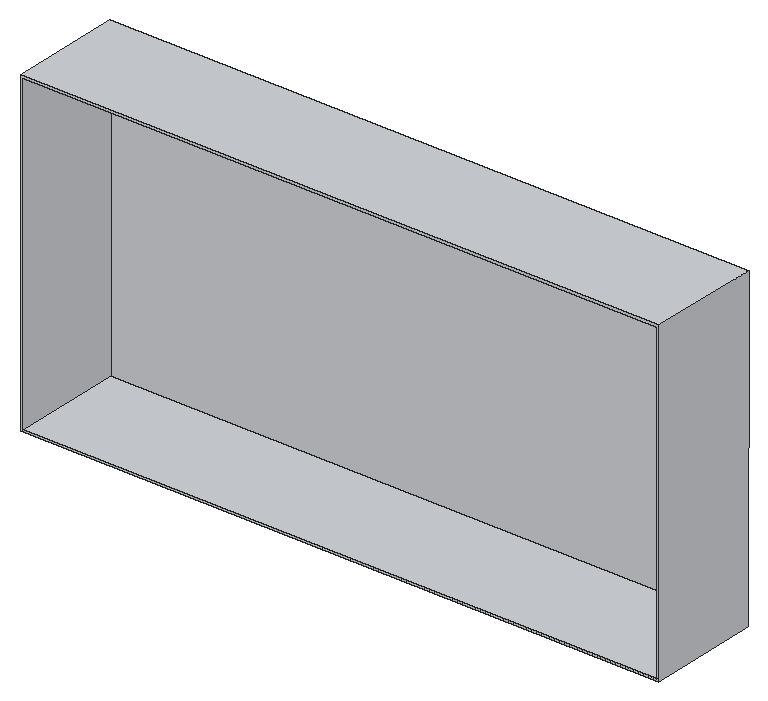
Revit family "Panelboard_600A-800A_Cable_Spreader-empty-NoHosted-UK-en", category Electrical Equipment, Revit 2020
Family settings
  Panel Configuration = Two Columns, Circuits Across
  Round Connector Dimension = Use Diameter
  Part Type = Panelboard
  Work Plane-Based = Yes
  Always vertical = Yes
  Cut with Voids When Loaded = No
  Shared = No
  Room Calculation Point = No
Parameters (values of type "Surface mounted P2XC W900 H450 D158 0 Modular spacings - JF806E")
  Width Control [instance] = if([HG000006 - Flush mounted], if([EF000846 - Built-in width] > min_whd, [EF000846 - Built-in width], min_whd), if([EF000008 - Width] > min_whd, ([EF000008 - Width]), min_whd))  # 900 mm
  Void Depth [instance] = if([EF000218 - Built-in depth] > 1 mm, [EF000218 - Built-in depth], 1 mm)  # 1 mm
  Type Comments = [HG000003 - Range]  # "Panelboards"
  System Height [instance] = Height Control - 2 * [HG000005 - Thickness]  # 444 mm
  Panel Name [instance] = ""  # (empty or 0)
  Offset [instance] = 0 mm
  Model = [HG000004 - Manufacturer reference]  # "JF806E"
  Level Offset [instance] = [Flush Mounted - Door Frame Width] + Offset  # 0 mm
  HG000017 - Distance between poles = 18 mm
  HG000016 - Door 3d visibility [instance] = yes
  HG000015 - Clearance visibility [instance] = no
  HG000014 - Door on the right [instance] = yes
  HG000013 - Door on the left [instance] = not([HG000014 - Door on the right])  # no
  HG000012 - Door swing angle [instance] = 45.00°
  HG000011 - Empty rows from bottom = no
  HG000005 - Thickness = 3 mm  # constant formula
  Description = ""
  Default Elevation = 1219.2 mm
  Arrow Offset [instance] = Depth Control / 8  # 19.75 mm
  Arrow Height [instance] = Depth Control - Arrow Offset  # 138.25 mm
  Host Offset [instance] = if([HG000006 - Flush mounted], 0 mm, [EF000049 - Depth])  # 158 mm
  min_whd [instance] = (2 * [HG000005 - Thickness]) + 1 mm  # 7 mm
  Manufacturer = "Hager"  # constant formula
  Height Control [instance] = if([HG000006 - Flush mounted], if([EF000332 - Built-in height] > min_whd, [EF000332 - Built-in height], min_whd), if([EF000040 - Height] > min_whd, ([EF000040 - Height]), min_whd))  # 450 mm
  HG000010 - Asymmetric doors = no
  HG000009 - Double swing door = no
  HG000008 - Number of empty rows = 0
  HG000007 - Number of empty columns = 0
  HG000006 - Flush mounted = no
  HG000004 - Manufacturer reference = "JF806E"
  HG000003 - Range = "Panelboards"
  HG000002 - With door or cover = no
  HG000001 - Number of columns = 0
  Flush Mounted - Door Frame Width [instance] = if(([EF000040 - Height] - [EF000332 - Built-in height]) > 0 mm, if([HG000006 - Flush mounted], [EF000040 - Height] - [EF000332 - Built-in height], 0 mm), 0 mm)  # 0 mm
  EF015941 - Signal passing door = no
  EF015777 - Neutral terminal block = no
  EF015776 - Earthing terminal block = no
  EF009212 - Cover model = ""
  EF006306 - With lock = no
  EF006244 - Transparent cover/door = no
  EF005474 - Degree of protection (IP) = "EV009848 - IP2XC"
  EF004462 - Type of closure = "EV001412 - Cylinder"
  EF002950 - Width in number of modular spacings = 0
  EF001596 - Material housing = "EV000179 - Steel"
  EF001134 - DIN-rail = no
  EF001131 - Internal depth = 0 mm
  EF001088 - Extension possible = no
  EF001062 - EMC-version = no
  EF000846 - Built-in width = 0 mm
  EF000339 - Type of cover = "EV004216 - Door"
  EF000332 - Built-in height = 0 mm
  EF000266 - Number of rows = 0
  EF000218 - Built-in depth = 0 mm
  EF000118 - With mounting plate = no
  EF000116 - RAL-number = ""
  EF000049 - Depth = 158 mm
  EF000040 - Height = 450 mm
  EF000008 - Width = 900 mm
  EF000007 - Colour = "EV000154 - Other"
  EF000003 - Mounting method = "EV000384 - Surface mounted (plaster)"
  Depth Control [instance] = if([HG000006 - Flush mounted], if([EF000218 - Built-in depth] > 0 mm, [EF000218 - Built-in depth], 1 mm), if([EF000049 - Depth] > 0 mm, ([EF000049 - Depth]), 1 mm))  # 158 mm
Types (2, lengths in mm): name | System Height | Model | Height Control | HG000004 - Manufacturer reference | EF001088 - Extension possible | EF000040 - Height
  Surface mounted P2XC W900 H300 D158 0 Modular spacings - JF805E | 294 | "JF805E" | 300 | "JF805E" | yes | 300
  Surface mounted P2XC W900 H450 D158 0 Modular spacings - JF806E | 444 | "JF806E" | 450 | "JF806E" | no | 450
Reference planes
  plane 1 "Center (Front/Back)": y = 0
  plane 2: z = 0
  plane 3 "Center (Left/Right)": x = 0
  plane 4: y = 3
  plane 5: y = 0
  plane 6: y = 0
  plane 7: z = 0
  plane 8: x = -450
  plane 9: x = 450
  plane 10: x = 447
  plane 11: x = -447
  plane 12: z = 0
  plane 13: z = 3
  plane 14: y = -153
  plane 15: y = -158
  plane 16: y = -3
  plane 17: z = 447
  plane 18: z = 450
  plane 19: z = 225
  plane 20: x = 0
  plane 21: y = -100
Forms (mm)
  Extrusion 1, solid
    sketch origin (-208.679, -4572, 0) x (-1, 0, 0) y (0, -1, 0)
      loop
        line (241.321, -4414) -> (-658.679, -4414) -> (-658.679, -4572) -> (241.321, -4572) -> (241.321, -4414)
    from 0 to 450 <- "Height Control"
  Extrusion 2, void
    sketch origin (-350.771, -158, 1219.2) x (1, 0, 0) y (0, 0, 1)
      loop
        line (-96.229, -772.2) -> (-96.229, -1216.2) -> (797.771, -1216.2) -> (797.771, -772.2) -> (-96.229, -772.2)
    from 0 to -155
  Extrusion 3, solid, detail levels coarse+medium
    sketch origin (-350.771, -158, 1219.2) x (-1, 0, 0) y (0, 0, 1)
      loop
        line (96.229, -772.2) -> (-797.771, -772.2) -> (-797.771, -1216.2) -> (96.229, -1216.2) -> (96.229, -772.2)
    from 0 to 3 <- "HG000005 - Thickness"
Cuts and joins
  Extrusion 2 cuts Extrusion 1
Dimensions and locks
  "Flush Mounted - Door Frame Width": plane 1 "Center (Front/Back)" to plane 6
  "HG000005 - Thickness": plane 4 to plane 6
  "HG000005 - Thickness": plane 8 to plane 11
  "HG000005 - Thickness": plane 9 to plane 10
  equal spacing: plane 8, plane 3 "Center (Left/Right)", plane 9
  "Width Control": plane 8 to plane 9
  locked: plane 14 to plane 15 at 5
  "Host Offset": plane 1 "Center (Front/Back)" to plane 15
  "Depth Control": plane 5 to plane 15
  "HG000005 - Thickness": plane 5 to plane 16
  "HG000005 - Thickness": plane 13 to plane 12
  "Level Offset": plane 12 to level
  "HG000005 - Thickness": plane 18 to plane 17
  "Height Control": plane 18 to plane 12
  "Arrow Offset": plane 5 to nested 4
  equal spacing: plane 18, plane 19, plane 12
  locked: connector elem to plane 19
  locked: connector elem to plane 3 "Center (Left/Right)"
  aligned and locked: nested 1 to plane 14
  aligned and locked: plane 3 "Center (Left/Right)" to nested 1
  aligned and locked: plane 3 "Center (Left/Right)" to nested 2
  aligned and locked: nested 2 to plane 15
  aligned and locked: Extrusion 1 to plane 5
  aligned and locked: Extrusion 3 sketch curve to plane 17
  aligned and locked: Extrusion 3 sketch curve to plane 11
  aligned and locked: Extrusion 3 sketch curve to plane 13
  aligned and locked: Extrusion 3 sketch curve to plane 10
  aligned and locked: Extrusion 2 sketch curve to plane 13
  aligned and locked: Extrusion 2 sketch curve to plane 10
  aligned and locked: Extrusion 2 sketch curve to plane 17
  aligned and locked: Extrusion 2 sketch curve to plane 11
  aligned and locked: Extrusion 2 to plane 16
  aligned and locked: Extrusion 1 sketch curve to plane 5
  aligned and locked: plane 9 to Extrusion 1 sketch curve
  aligned and locked: plane 8 to Extrusion 1 sketch curve
  aligned and locked: plane 8 to nested 4
  aligned and locked: plane 8 to nested 3
  aligned and locked: nested 3 to plane 5
  aligned and locked: Extrusion 1 sketch curve to plane 15
  aligned and locked: Extrusion 2 to plane 15
Nested families
  nested 1: "Hager_Enclosure_System" at (0, -153, 3), Flush_Mounted <- "HG000006 - Flush mounted", Width <- "EF000008 - Width", Height <- "System Height", Width_Control <- "Width Control", Row_Module_Multiplicator <- "EF002950 - Width in number of modular spacings", Empty_Columns <- "HG000007 - Number of empty columns", Built-in_Width <- "EF000846 - Built-in width", Border <- "HG000005 - Thickness", Total_No_Empty_Rows <- "HG000008 - Number of empty rows", Depth <- "HG000005 - Thickness", Empty_Rows_From_Bottom <- "HG000011 - Empty rows from bottom", Distance_Between_Poles <- "HG000017 - Distance between poles", Rows_Count <- "EF000266 - Number of rows", Columns_Count <- "HG000001 - Number of columns", type "Hager_Enclosure_System", detail levels medium+fine
    with Width_Control 900 mm, Width 900 mm, Total_No_Rows 0, Total_No_Empty_Rows 0, Total_No_Columns 1, System_Width 894 mm, Rows_Count 0, Rows_Column 0, Row_Module_Multiplicator 0, Panel_4 no, Panel_3 no, Panel_2 no, Panel_1 no, No_Panels_Ctrl 1, Hide_Columns yes, Height 444 mm, Flush_Mounted no, Empty_Rows_From_Bottom no, Empty_Rows_Column 0, Empty_Columns 0, Distance_Between_Poles 18 mm, Depth 3 mm, Columns_Count 0, Column_Width 894 mm, Built-in_Width 0 mm, Border 3 mm
  nested 2: "Hager_Enclosure_Door" at (0, -158, 0), Double <- "HG000009 - Double swing door", Height_Ctrl <- "Height Control", Transparent <- "EF006244 - Transparent cover/door", Depth <- "EF000049 - Depth", Height <- "EF000040 - Height", Angle <- "HG000012 - Door swing angle", Door_Right <- "HG000014 - Door on the right", Assymetrical <- "HG000010 - Asymmetric doors", Flush_Mounted <- "HG000006 - Flush mounted", BuiltIn_Depth <- "EF000218 - Built-in depth", BuiltIn_Width <- "EF000846 - Built-in width", Door <- "HG000002 - With door or cover", Width_Ctrl <- "Width Control", 3d_Door <- "HG000016 - Door 3d visibility", Width <- "EF000008 - Width", Border <- "HG000005 - Thickness", BuiltIn_Height <- "EF000332 - Built-in height", Clearance <- "HG000015 - Clearance visibility", Door_Left <- "HG000013 - Door on the left", type "Hager_Enclosure_Door", detail levels medium+fine
    with min_wh 7 mm, Width_Ctrl 900 mm, Width 900 mm, Transparent_Door_No_Bottom_Border no, Transparent no, Leaf_Width 891 mm, Leaf_Tolerance 1.5 mm, Leaf_Height 441 mm, Leaf_2_Width 891 mm, Leaf_2_Offset 445.5 mm, Leaf_1_Width 891 mm, Leaf_1_Offset 445.5 mm, Height_Ctrl 450 mm, Height 450 mm, Frame_Width_Ctrl 900 mm, Frame_Width 900 mm, Frame_Internal_Offset 0 mm, Frame_Height_Ctrl 450 mm, Frame_Height 450 mm, Frame_Depth_Ctrl 1 mm, Frame_Depth 0 mm, Flush_Mounted no, Double_Clearance_Ctrl no, Double no, Door_Right_Ctrl no, Door_Right yes, Door_Left_Ctrl no, Door_Left no, Door no, Depth 158 mm, Clearance_Depth 891 mm, Clearance_Ctrl no, Clearance no, BuiltIn_Width 0 mm, BuiltIn_Height 0 mm, BuiltIn_Depth 0 mm, Border 3 mm, Assymetrical no, Angle 45.00°, 3d_Door yes
  nested 3: "Hager_Enclosure_Symbol_Triangle" at (-450, 0, 0), Depth <- "Depth Control", Width <- "Width Control", type "Hager_Enclosure_Symbol_Triangle"
    with Width_Ctrl 900 mm, Width 900 mm, Depth_Ctrl 158 mm, Depth 158 mm
  nested 4: "Hager_Enclosure_Symbol_Arrow" at (-450, -19.75, 0), Height <- "Arrow Height", type "Hager_Enclosure_Symbol_Arrow"
    with Width_Inside 10.369 mm, Width 124.425 mm, Height_Ctrl 138.25 mm, Height 138.25 mm
Connectors
  electrical at (0, 0, 225)
    settings: on plane 5, index 1, voltage 0 V, apparent load 0 VA, apparent load phase1 0 VA, apparent load phase2 0 VA, apparent load phase3 0 VA, power factor 1, load classification "Other", number of poles 1, system type 30, power factor state 1, is connector primary yes, connector utility no, sub classification motor no, connector description ""
Definition of nested family "Hager_Enclosure_Door"
  Parameters (values of type "Hager_Enclosure_Door")
    min_wh [instance] = (2 * Border) + 1 mm  # 11 mm
    Width_Ctrl [instance] = 400 mm
    Width [instance] = 500 mm
    Transparent_Door_No_Bottom_Border [instance] = no
    Transparent [instance] = yes
    Leaf_Width [instance] = if((Width_Ctrl - 2 * Border - 2 * Leaf_Tolerance) > 0 mm, (Width_Ctrl - 2 * Border - 2 * Leaf_Tolerance), min_wh)  # 387 mm
    Leaf_Tolerance [instance] = 1.5 mm  # constant formula
    Leaf_Height [instance] = if((Height_Ctrl - 2 * Border - 2 * Leaf_Tolerance) > 0 mm, (Height_Ctrl - 2 * Border - 2 * Leaf_Tolerance), min_wh)  # 387 mm
    Leaf_2_Width [instance] = if(and(and(Double, Assymetrical), Door_Left), (Leaf_Width / 3) - (Leaf_Tolerance / 2), if(and(and(Double, Assymetrical), Door_Right), (Leaf_Width / 3) * 2 - (Leaf_Tolerance / 2), if(and(Double, not(Assymetrical)), (Leaf_Width / 2) - Leaf_Tolerance, Leaf_Width)))  # 387 mm
    Leaf_2_Offset [instance] = if(and(Double, Assymetrical), Leaf_2_Width / 2, if(and(Double, not(Assymetrical)), Leaf_Width / 4, Leaf_Width / 2))  # 193.5 mm
    Leaf_1_Width [instance] = if(and(and(Double, Assymetrical), Door_Right), (Leaf_Width / 3) - (Leaf_Tolerance / 2), if(and(and(Double, Assymetrical), Door_Left), (Width / 3) * 2 - (Leaf_Tolerance / 2), if(and(Double, not(Assymetrical)), (Leaf_Width / 2) - Leaf_Tolerance, Leaf_Width)))  # 387 mm
    Leaf_1_Offset [instance] = if(and(Double, Assymetrical), Leaf_1_Width / 2, if(and(Double, not(Assymetrical)), Leaf_Width / 4, Leaf_Width / 2))  # 193.5 mm
    Height_Ctrl [instance] = 400 mm
    Height [instance] = 500 mm
    Frame_Width_Ctrl [instance] = if(Frame_Width > 0 mm, Frame_Width, 1 mm)  # 1 mm
    Frame_Width [instance] = Width - BuiltIn_Width  # 0 mm
    Frame_Internal_Offset [instance] = if(Flush_Mounted, Border, 0 mm)  # 5 mm
    Frame_Height_Ctrl [instance] = if(Frame_Height > 0 mm, Frame_Height, 1 mm)  # 1 mm
    Frame_Height [instance] = Height - BuiltIn_Height  # 0 mm
    Frame_Depth_Ctrl [instance] = if(Frame_Depth > 0 mm, Frame_Depth, 1 mm)  # 1 mm
    Frame_Depth [instance] = if(Depth - BuiltIn_Depth > 0 mm, if(Flush_Mounted, Depth - BuiltIn_Depth, 0 mm), 0 mm)  # 0 mm
    Flush_Mounted [instance] = yes
    Double_Clearance_Ctrl [instance] = and(Double, Clearance)  # no
    Double [instance] = no
    Door_Right_Ctrl [instance] = and(or(Door_Right, Double), Door)  # yes
    Door_Right [instance] = yes
    Door_Left_Ctrl [instance] = and(or(Door_Left, Double), Door)  # no
    Door_Left [instance] = no
    Door [instance] = yes
    Depth [instance] = 500 mm
    Default Elevation = 1219.2 mm
    Clearance_Material = none
    Clearance_Depth [instance] = if(Leaf_1_Width > Leaf_2_Width, Leaf_1_Width, Leaf_2_Width)  # 387 mm
    Clearance_Ctrl [instance] = and(not(Double), Clearance)  # yes
    Clearance [instance] = yes
    BuiltIn_Width [instance] = 500 mm
    BuiltIn_Height [instance] = 500 mm
    BuiltIn_Depth [instance] = 500 mm
    Border [instance] = 5 mm
    Assymetrical [instance] = yes
    Angle [instance] = 30.00°
    3d_Door [instance] = yes
  Reference planes
    plane 1 "Center (Front/Back)": y = 0
    plane 2 "Bottom": z = 0
    plane 3 "Center (Left/Right)": x = 0
    plane 4: z = 400
    plane 5: x = -200
    plane 6: x = 200
    plane 7: z = 395
    plane 8: x = -195
    plane 9: z = 5
    plane 10: x = 195
    plane 11: y = 0
    plane 12: z = 6.5
    plane 13: x = -582
    plane 14: y = -387
    plane 15: x = 582
    plane 16: x = 0
    plane 17: x = 0
    plane 18: x = -193.5
    plane 19: x = 193.5
    plane 20: z = 393.5
  Forms (mm)
    Extrusion 1, solid, visible <- "Flush_Mounted"
      sketch origin (0, 0, 0) x (1, 0, 0) y (0, 0, 1)
        loop
          line (195, 5) -> (195, 395) -> (-195, 395) -> (-195, 5) -> (195, 5)
        loop
          line (-201, 401) -> (-201, -1) -> (201, -1) -> (201, 401) -> (-201, 401)
      from 0 to 1 <- "Frame_Depth_Ctrl"
    Extrusion 2, solid, material <- "Clearance_Material", visible <- "Double_Clearance_Ctrl"
      sketch origin (1200, 0, 0) x (1, 0, 0) y (0, 0, -1)
        loop
          line (-1782, -393.5) -> (-618, -393.5) -> (-618, 0) -> (-1782, 0) -> (-1782, -393.5)
      from 0 to -387
  Dimensions and locks
    equal spacing: plane 5, plane 3 "Center (Left/Right)", plane 6
    "Width_Ctrl": plane 5 to plane 6
    "Border": plane 5 to plane 8
    "Border": plane 6 to plane 10
    "Border": plane 9 to level
    "Border": plane 4 to plane 7
    "Height_Ctrl": plane 4 to level
    "Leaf_Tolerance": plane 12 to plane 9
    "Frame_Depth": plane 11 to plane 1 "Center (Front/Back)"
    "Frame_Width_Ctrl": plane 5 to Extrusion 1 sketch curve
    "Frame_Width_Ctrl": plane 6 to Extrusion 1 sketch curve
    "Frame_Width_Ctrl": Extrusion 1 sketch curve to plane 4
    "Frame_Width_Ctrl": plane 2 "Bottom" to Extrusion 1 sketch curve
    "Leaf_1_Offset": plane 18 to plane 16
    "Leaf_2_Offset": plane 17 to plane 19
    "Leaf_1_Width": plane 13 to plane 8
    "Leaf_2_Width": plane 10 to plane 15
    "Clearance_Depth": plane 14 to plane 1 "Center (Front/Back)"
    "Leaf_Tolerance": plane 8 to plane 18
    "Leaf_Tolerance": plane 19 to plane 10
    "Leaf_Tolerance": plane 7 to plane 20
    "Frame_Internal_Offset": plane 5 to Extrusion 1 sketch curve
    "Frame_Internal_Offset": Extrusion 1 sketch curve to plane 2 "Bottom"
    "Frame_Internal_Offset": plane 6 to Extrusion 1 sketch curve
    "Frame_Internal_Offset": plane 4 to Extrusion 1 sketch curve
    aligned and locked: level to plane 2 "Bottom"
    aligned and locked: nested 1 to plane 16
    aligned and locked: nested 2 to plane 17
    aligned and locked: Extrusion 2 to plane 13
    aligned and locked: plane 15 to Extrusion 2
    aligned and locked: Extrusion 2 to plane 14
    aligned and locked: plane 12 to nested 1
    aligned and locked: nested 2 to plane 12
    aligned and locked: Extrusion 2 to plane 11
    aligned and locked: plane 20 to Extrusion 2
    aligned and locked: nested 2 to plane 11
    aligned and locked: nested 1 to plane 11
  Automatic sketch dimensions
    Extrusion 2 sketch curve to level = 0 mm
    plane 5 to Extrusion 2 sketch curve = 382 mm
    plane 6 to Extrusion 2 sketch curve = 382 mm
    Extrusion 2 sketch curve to plane 4 = 6.5 mm
  Nested families
    nested 1: "Hager_Enclosure_Door_Leaf" at (0, 0, 6.5), Width <- "Leaf_1_Width", visible <- "Door_Left_Ctrl", Leaf_Height <- "Leaf_Height", Angle <- "Angle", Depth <- "Border", 3d_Door <- "3d_Door", Transparent <- "Transparent", Clearance Material <- "Clearance_Material", Clearance <- "Clearance_Ctrl", Transparent_Door_No_Bottom_Border <- "Transparent_Door_No_Bottom_Border", type "Hager_Enclosure_Door_Leaf"
      with Width 387 mm, Transparent_Door_No_Bottom_Border no, Transparent_Door_Border_Bottom_Top 25 mm, Transparent_Door_Border 25 mm, Transparent_Ctrl yes, Transparent yes, Standard no, Leaf_Height 387 mm, Glass_Offset 1 mm, Depth 5 mm, Clearance Material none, Clearance yes, Angle_Ctrl 30.00°, Angle 30.00°, 3d_Door yes
    nested 2: "Hager_Enclosure_Door_Leaf" at (0, 0, 6.5) x (-1, 0, 0) z (0, 0, 1), Width <- "Leaf_2_Width", visible <- "Door_Right_Ctrl", Leaf_Height <- "Leaf_Height", Angle <- "Angle", Depth <- "Border", 3d_Door <- "3d_Door", Transparent <- "Transparent", Clearance Material <- "Clearance_Material", Clearance <- "Clearance_Ctrl", Transparent_Door_No_Bottom_Border <- "Transparent_Door_No_Bottom_Border", type "Hager_Enclosure_Door_Leaf"
      with Width 387 mm, Transparent_Door_No_Bottom_Border no, Transparent_Door_Border_Bottom_Top 25 mm, Transparent_Door_Border 25 mm, Transparent_Ctrl yes, Transparent yes, Standard no, Leaf_Height 387 mm, Glass_Offset 1 mm, Depth 5 mm, Clearance Material none, Clearance yes, Angle_Ctrl 30.00°, Angle 30.00°, 3d_Door yes
  Definition of nested family "Hager_Enclosure_Door_Leaf"
    Parameters (values of type "Hager_Enclosure_Door_Leaf")
      Width [instance] = 2000 mm
      Transparent_Door_No_Bottom_Border [instance] = yes
      Transparent_Door_Border_Bottom_Top [instance] = if(Transparent_Door_No_Bottom_Border, 0.1 mm, Transparent_Door_Border)  # 0.1 mm
      Transparent_Door_Border [instance] = if(Transparent_Door_No_Bottom_Border, (Width * 0.12), 25 mm)  # 240 mm
      Transparent_Ctrl [instance] = and(Transparent, [3d_Door])  # yes
      Transparent [instance] = yes
      Standard [instance] = and(not(Transparent), [3d_Door])  # no
      Leaf_Height [instance] = 2720.336 mm
      Glass_Offset [instance] = if((Depth - 10 mm) / 2 > 0 mm, (Depth - 10 mm) / 2, 1 mm)  # 15 mm
      Glass_Material = none
      Depth [instance] = 40 mm
      Default Elevation = 0 mm
      Clearance Material [instance] = none
      Clearance [instance] = yes
      Angle_Ctrl [instance] = if(Angle > 170.00°, 170.00°, Angle)  # 45.00°
      Angle [instance] = 45.00°
      3d_Door [instance] = yes
    Reference planes
      plane 1 "Center (Front/Back)": y = 0
      plane 2: z = 0
      plane 3 "Center (Left/Right)": x = 0
      plane 4: y = 2000
      plane 5: x = -1000
      plane 6: x = 1000
      plane 7: x = -3000
      plane 8: z = 2720.336
      plane 9: z = 0.1
      plane 10: z = 2720.236
      plane 11: x = 760
      plane 12: x = -760
    Forms (mm)
      Extrusion 1, solid, material <- "Clearance Material", visible <- "Clearance"
        sketch origin (0, 0, 0) x (1, 0, 0) y (0, 0, 1)
          loop
            line (-3000, 2720.336) -> (-3000, 0) -> (1000, 0) -> (1000, 2720.336) -> (-3000, 2720.336)
        from 0 to -2000
      Extrusion 2, solid, visible <- "Standard", detail levels medium+fine
        sketch origin (-1000, 0, 0) x (0.707107, 0.707107, 0) y (-0.707107, 0.707107, 0)
          loop
            line (0, -40) -> (2000, -40) -> (2000, 0) -> (0, 0) -> (0, -40)
        from 0 to 2720.336 <- "Leaf_Height"
      Extrusion 3, solid, visible <- "Transparent_Ctrl", detail levels medium+fine
        sketch origin (-1000, 0, 0) x (0.707107, 0.707107, 0) y (-0.707107, 0.707107, 0)
          loop
            line (0, -40) -> (2000, -40) -> (2000, 0) -> (0, 0) -> (0, -40)
        from 0 to 2720.336 <- "Leaf_Height"
      Extrusion 4, void, detail levels medium+fine
        sketch origin (-1000, 0, 0) x (-0.707107, 0.707107, 0) y (0.707107, 0.707107, 0)
          loop
            line (0, 240) -> (0, 1760) -> (-40, 1760) -> (-40, 240) -> (0, 240)
        from -2720.236 to -0.1
      Extrusion 5, solid, material <- "Glass_Material", visible <- "Transparent_Ctrl", detail levels medium+fine
        sketch origin (-1000, 0, 0) x (0.707107, 0.707107, 0) y (-0.707107, 0.707107, 0)
          loop
            line (240, -15) -> (240, -25) -> (1760, -25) -> (1760, -15) -> (240, -15)
        from 0.1 to 2720.236
    Cuts and joins
      Extrusion 4 cuts Extrusion 3
    Lines and regions (mm)
      symbolic lines
        curve 1: line (1000, 0, 0) -> (-3000, 0, 0)
        curve 2: arc (1000, 0, 0) -> (-1000, 2000, 0) -> (-3000, 0, 0) r 2000
        curve 4: line (-1000, 0, 0) -> (414.214, 1414.214, 0)
      reference lines
        curve 3: line (-1000, 0, 0) -> (414.214, 1414.214, 0)
      symbolic lines, detail levels medium+fine
        curve 5: line (414.214, 1414.214, 0) -> (442.498, 1385.929, 0)
        curve 6: line (442.498, 1385.929, 0) -> (-971.716, -28.284, 0)
        curve 7: line (-971.716, -28.284, 0) -> (-1000, 0, 0)
        curve 8: line (-1000, 0, 2720.336) -> (1000, 0, 2720.336)
        curve 9: line (-1000, 0, 0) -> (-1000, 0, 2720.336)
        curve 10: line (1000, 0, 0) -> (-1000, 0, 0)
        curve 11: line (1000, 0, 2720.336) -> (1000, 0, 0)
      symbolic lines, visible <- "Transparent_Ctrl", detail levels medium+fine
        curve 12: line (-760, 0, 2720.236) -> (760, 0, 2720.236)
        curve 13: line (-760, 0, 0.1) -> (-760, 0, 2720.236)
        curve 14: line (760, 0, 0.1) -> (-760, 0, 0.1)
        curve 15: line (760, 0, 2720.236) -> (760, 0, 0.1)
    Dimensions and locks
      "Width": plane 1 "Center (Front/Back)" to plane 4
      equal spacing: plane 5, plane 3 "Center (Left/Right)", plane 6
      "Width": plane 5 to plane 6
      "Width": plane 7 to plane 5
      "Leaf_Height": plane 8 to level
      "Depth": curve 6 to curve 3
      "Width": curve 5 to curve 3
      "Width": curve 3 to curve 3
      "Transparent_Door_Border": Extrusion 4 sketch curve to curve 7
      "Transparent_Door_Border": Extrusion 4 sketch curve to curve 5
      "Transparent_Door_Border_Bottom_Top": plane 8 to plane 10
      "Transparent_Door_Border_Bottom_Top": plane 9 to level
      "Glass_Offset": Extrusion 5 sketch curve to curve 4
      "Glass_Offset": Extrusion 5 sketch curve to curve 6
      "Transparent_Door_Border": Extrusion 5 sketch curve to curve 5
      "Transparent_Door_Border": Extrusion 5 sketch curve to curve 7
      "Transparent_Door_Border": plane 12 to plane 5
      "Transparent_Door_Border": plane 6 to plane 11
      "Angle_Ctrl": angle plane 1 "Center (Front/Back)" to curve 3
      aligned and locked: level to plane 2
      aligned and locked: Extrusion 1 to curve 1
      aligned and locked: plane 6 to Extrusion 1
      aligned and locked: Extrusion 1 to plane 1 "Center (Front/Back)"
      aligned and locked: plane 4 to Extrusion 1
      aligned and locked: plane 8 to Extrusion 1
      aligned and locked: curve 4 to curve 3
      aligned and locked: Extrusion 2 sketch curve to curve 7
      aligned and locked: Extrusion 2 sketch curve to curve 6
      aligned and locked: Extrusion 2 sketch curve to curve 5
      aligned and locked: Extrusion 2 sketch curve to curve 3
      aligned and locked: curve 7 to Extrusion 3 sketch curve
      aligned and locked: Extrusion 3 sketch curve to curve 4
      aligned and locked: Extrusion 3 sketch curve to curve 6
      aligned and locked: Extrusion 3 sketch curve to curve 5
      aligned and locked: curve 4 to Extrusion 4 sketch curve
      aligned and locked: curve 6 to Extrusion 4 sketch curve
      aligned and locked: Extrusion 4 to plane 9
      aligned and locked: Extrusion 4 to plane 10
      aligned and locked: Extrusion 5 to plane 9
      aligned and locked: Extrusion 5 to plane 10
      aligned and locked: curve 8 to plane 8
      aligned and locked: plane 5 to curve 9
      aligned and locked: plane 2 to curve 10
      aligned and locked: curve 11 to plane 6
      aligned and locked: plane 10 to curve 12
      aligned and locked: plane 12 to curve 13
      aligned and locked: curve 14 to plane 9
      aligned and locked: plane 11 to curve 15
    Automatic sketch dimensions
      plane 1 "Center (Front/Back)" to curve 2 = 0 mm
      curve 2 to plane 5 = 0 mm
      Extrusion 1 sketch curve to level = 0 mm
      Extrusion 1 sketch curve to plane 7 = 0 mm
      Extrusion 1 sketch curve to plane 6 = 0 mm
      Extrusion 1 sketch curve to plane 8 = 0 mm
      plane 1 "Center (Front/Back)" to curve 3 = 0 mm
      curve 3 to plane 5 = 0 mm
      curve 7 to curve 3 = 0 mm
Definition of nested family "Hager_Enclosure_Symbol_Triangle"
  Parameters (values of type "Hager_Enclosure_Symbol_Triangle")
    Width_Ctrl [instance] = if(Width > 1 mm, Width, 1 mm)  # 498 mm
    Width [instance] = 498 mm
    Depth_Ctrl [instance] = if(Depth > 1 mm, Depth, 1 mm)  # 72 mm
    Depth [instance] = 72 mm
  Reference planes
    plane 1 "Centre (avant/arrière)": y = 0
    plane 2: z = 0
    plane 3 "Centre (gauche/droite)": x = 0
  Lines and regions (mm)
    Filled region 1, type "Solid_Black", in view "Niveau de réf."
      outline origin (0, 0, 0) x (1, 0, 0) y (0, 1, 0)
        loop
          line (0, 0) -> (498, 0) -> (498, 72) -> (0, 0)
    reference lines, in view "Niveau de réf."
      curve 1: line (-206.153, 72, 0) -> (1083.258, 72, 0)
      curve 2: line (498, 405.456, 0) -> (498, -517.619, 0)
  Dimensions and locks
    "Depth_Ctrl": plane 1 "Centre (avant/arrière)" to curve 1
    "Width_Ctrl": plane 3 "Centre (gauche/droite)" to curve 2
    aligned and locked: curve 1 to Filled region 1 sketch curve
    aligned and locked: Filled region 1 sketch curve to plane 1 "Centre (avant/arrière)"
    aligned and locked: curve 2 to Filled region 1 sketch curve
    aligned and locked: plane 3 "Centre (gauche/droite)" to Filled region 1 sketch curve
    aligned and locked: plane 1 "Centre (avant/arrière)" to Filled region 1 sketch curve
  Automatic sketch dimensions
    curve 1 to plane 3 "Centre (gauche/droite)" = 206.153 mm
    curve 2 to curve 1 = 585.258 mm
    plane 1 "Centre (avant/arrière)" to curve 2 = 517.619 mm
    curve 2 to plane 1 "Centre (avant/arrière)" = 405.456 mm
Definition of nested family "Hager_Enclosure_Symbol_Arrow"
  Parameters (values of type "Hager_Enclosure_Symbol_Arrow")
    Width_Inside [instance] = if(Width / 12 > 2 mm, Width / 12, 2 mm)  # 4.987 mm
    Width [instance] = if(Height_Ctrl * 0.9 > 2 mm, Height_Ctrl * 0.9, 2 mm)  # 59.85 mm
    Height_Ctrl [instance] = if(Height > 2 mm, Height, 2 mm)  # 66.5 mm
    Height [instance] = 66.5 mm
  Reference planes
    plane 1 "Centre (avant/arrière)": y = 0
    plane 2: z = 0
    plane 3 "Centre (gauche/droite)": x = 0
    plane 4: x = 59.85
    plane 5: y = 28.263
    plane 6: y = 38.238
    plane 7: y = 66.5
    plane 8: x = 29.925
    plane 9: y = 33.25
  Lines and regions (mm)
    Filled region 1, type "Solid_Black", in view "Niveau de réf."
      outline origin (0, 0, 0) x (1, 0, 0) y (0, 1, 0)
        loop
          line (59.85, 66.5) -> (37.929, 52.827) -> (51.846, 41.935) -> (59.85, 66.5)
    detail lines, in view "Niveau de réf."
      curve 1: line (0, 0, 0) -> (29.925, 38.238, 0)
      curve 2: line (29.925, 38.238, 0) -> (29.925, 28.263, 0)
      curve 3: line (29.925, 28.263, 0) -> (59.85, 66.5, 0)
  Dimensions and locks
    "Width": plane 3 "Centre (gauche/droite)" to plane 4
    "Height_Ctrl": plane 7 to plane 1 "Centre (avant/arrière)"
    equal spacing: plane 3 "Centre (gauche/droite)", plane 8, plane 4
    equal spacing: plane 7, plane 9, plane 1 "Centre (avant/arrière)"
    equal spacing: plane 6, plane 9, plane 5
    "Width_Inside": plane 6 to plane 9
    equal spacing: curve 3, Filled region 1 sketch curve, Filled region 1 sketch curve
    angle Filled region 1 sketch curve to curve 3 = 20.00°
    angle curve 3 to Filled region 1 sketch curve = 20.00°
    locked: curve 3 to Filled region 1 sketch curve (angle 90.00°)
  Automatic sketch dimensions
    plane 1 "Centre (avant/arrière)" to curve 1 = 0 mm
    curve 1 to plane 3 "Centre (gauche/droite)" = 0 mm
    curve 2 to plane 6 = 0 mm
    curve 3 to plane 8 = 0 mm
    curve 3 to plane 4 = 0 mm
    curve 2 to plane 5 = 0 mm
    curve 3 to plane 7 = 0 mm
    Filled region 1 sketch curve to plane 4 = 0 mm
    Filled region 1 sketch curve to plane 7 = 0 mm
